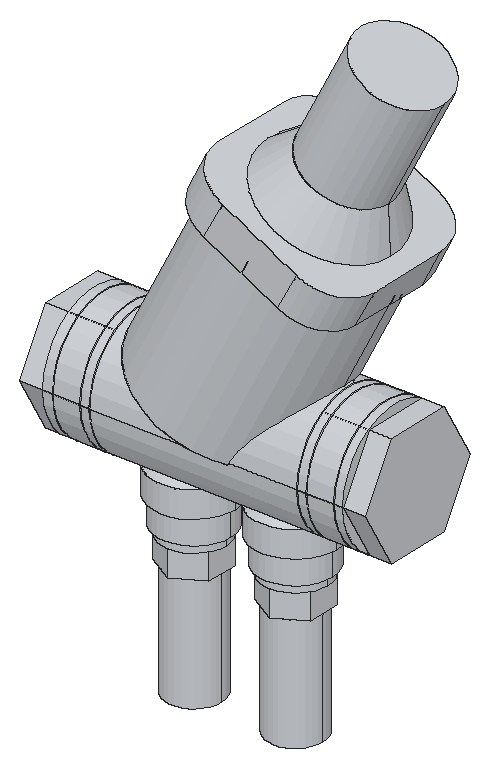
Revit family "Sigma_Compact_DN015_HF_RFA_2019", category Pipe Accessories, Revit 2019
Family settings
  Round Connector Dimension = Use Diameter
  Part Type = Valve - Breaks Into
  Work Plane-Based = No
  Always vertical = Yes
  Cut with Voids When Loaded = No
  Shared = No
Parameters (values of type "Sigma Compact DN 15 HF s měřením")
  magiProductId = "5720d023926c42d59d57912da161fc"
  magiProductFamilyId = "bfb31f54e1b64d079baf8cac8e8d7b"
  magiPartTypeId = 304
  isMeasuringValve [instance] = no
  ang2D [instance] = 0.00°
  Z6 = 26.1 mm
  Z5 = 60.9 mm
  Z4 = 52.2 mm
  Z3 = 8.7 mm
  Z2 = 43.5 mm
  XR2 = 25 mm
  XR1 = 13 mm
  W2D = 15 mm
  VersionID = "2.0/2018.12.13.2/FRESE_SIGMA_PLUG_Q13_001"
  Use Minimum Symbol Size [instance] = no
  URL = "www.hydronic.cz"
  Type Comments = "závitový; vnitřní závit; PN25; max dp=400kPa; -10~+120°C; max uzavírací tlak 1MPa"
  R4 = 15 mm
  R3 = 10 mm
  R2 = 14 mm
  R1 = 19 mm
  QmdConnectorList = "301;D;302;D"
  Productdata [instance] = ""
  NL__ve = -NL  # -15 mm
  NL = 15 mm
  Manufacturer = "Hydronic Systems Prague s.r.o."
  MC Use Limits From Balancing Method = no
  MC Throttling Minimum Value = 0
  MC Throttling Maximum Value = 0
  MC Product Code = "53-2201 DN15 FF s měřením; (60-1080 l/h); kvs=2,6"
  MC Pressure Drop Minimum Value = 0.0 Pa
  MC Pressure Drop Maximum Value = 0.0 Pa
  MC Piping Given Pressure Drop [instance] = 0.0 Pa
  M5 = 32.5 mm
  M4 = 30.5 mm
  M3 = 24.5 mm
  M2 = 22.5 mm
  LP = 37.5 mm
  LM = 45 mm
  LL__ve = -LL  # -5.7 mm
  LLT__ve = -LLT  # -14.9 mm
  LLT = 14.9 mm
  LLL = 11 mm
  LL3 = 41 mm
  LL2 = 32 mm
  LL = 5.7 mm
  L3 = 11 mm
  L2D_Min = 30.48 mm
  L2D = 65 mm
  Description = "Automatický vyvažovací ventil"
  DR1 = no
  DR0 = yes
  DL2 = 66 mm
  D = 15 mm
  CenSd_R2_6 = R2 * cos(30.00°)  # 12.124 mm
  CAT0 = yes
  C0D1 = no
  C0D0 = yes
Types (3, lengths in mm): name | magiProductId | Z6 | Z5 | Z4 | Z3 | Z2 | R2 | NL__ve | NL | MC Product Code | M5 | M4 | M3 | M2 | LP | LM | LL__ve | LLT__ve | LLT | LLL | LL2 | LL | D | CenSd_R2_6
  Sigma Compact DN 15 HF s měřením | "5720d023926c42d59d57912da161fc" | 26.1 | 60.9 | 52.2 | 8.7 | 43.5 | 14 | -15 | 15 | "53-2201 DN15 FF s měřením; (60-1080 l/h); kvs=2,6" | 32.5 | 30.5 | 24.5 | 22.5 | 37.5 | 45 | -5.7 | -14.9 | 14.9 | 11 | 32 | 5.7 | 15 | 12.124
  Sigma Compact DN 20 HF s měřením | "71a172a3e93b42a69d546b1c4edcaf" | 26.1 | 60.9 | 52.2 | 8.7 | 43.5 | 14 | -15.8 | 15.8 | "53-2203 DN20 FF s měřením; (102-1930 l/h); kvs=4,0" | 33.7 | 31.7 | 25.7 | 23.7 | 39.5 | 47.4 | -5.7 | -14.9 | 14.9 | 11 | 32 | 5.7 | 20 | 12.124
  Sigma Compact DN 25 HF s měřením | "e5e5fa70e5f44115b8324bb7a2a437" | 27 | 63 | 54 | 9 | 45 | 18 | -16.6 | 16.6 | "53-2209 DN25 FF s měřením; (137-2400 l/h); kvs=4,2" | 34.9 | 32.9 | 26.9 | 24.9 | 41.5 | 49.8 | -5.9 | -16.3 | 16.3 | 9 | 34 | 5.9 | 25 | 15.588
Reference planes
  plane 1 "Center (Front/Back)": y = 0
  plane 2 "XYPLANE": z = 0
  plane 3 "Center (Left/Right)": x = 0
  plane 4 "408": x = 37.5
  plane 5 "407": x = -37.5
  plane 6 "404": z = -35.3
  plane 7 "403": z = -41
  plane 8 "402": z = -66
  plane 9 "213": x = -11
  plane 10 "168": z = -10.9
  plane 11 "167": z = -12.9
  plane 12 "166": z = -18.6
  plane 13 "165": z = -24.3
  plane 14 "164": z = -26.3
  plane 15 "154": z = 0
  plane 16 "152": y = 0
  plane 17 "151": z = -32
  plane 18 "150": x = 11
  plane 19 "75": through (318.218, 0, 679.605) normal (0.891, 0, -0.454)
  plane 20 "74": x = 32.5
  plane 21 "73": x = 30.5
  plane 22 "72": x = 24.5
  plane 23 "71": x = 22.5
  plane 24 "70": x = -32.5
  plane 25 "69": x = -30.5
  plane 26 "68": x = -24.5
  plane 27 "67": y = 0
  plane 28 "66": through (-666.893, 0, 343.166) normal (0.454, 0, 0.891)
  plane 29 "65": x = -22.5
  plane 30 "64": through (335.147, 0, 670.979) normal (0.891, 0, -0.454)
  plane 31 "63": through (-648.506, 0, 379.252) normal (0.454, 0, 0.891)
  plane 32 "62": through (352.076, 0, 662.353) normal (0.891, 0, -0.454)
  plane 33 "61": y = 19
  plane 34 "60": y = -19
  plane 35 "59": through (-644.557, 0, 387.003) normal (0.454, 0, 0.891)
  plane 36 "58": through (-640.607, 0, 394.755) normal (0.454, 0, 0.891)
  plane 37 "56": x = 0
  plane 38 "55": through (-668.255, 0, 340.493) normal (0.454, 0, 0.891)
  plane 39 "102XY": through (-668.255, 0, 340.493) normal (0.454, 0, 0.891)
  plane 40 "102XZ": y = 0
  plane 41 "102YZ": through (340.493, 0, 668.255) normal (0.891, 0, -0.454)
Forms (mm)
  Extrusion 1, solid
    sketch origin (37.5, -750, 0) x (0, 1, 0) y (0, 0, 1)
      loop
        line (764, 0) -> (757, 12.124) -> (743, 12.124) -> (736, 0) -> (743, -12.124) -> (757, -12.124) -> (764, 0)
    from 0 to -15 <- "NL__ve"
  Extrusion 2, solid
    sketch origin (-37.5, -750, 0) x (0, 1, 0) y (0, 0, 1)
      loop
        line (736, 0) -> (743, -12.124) -> (757, -12.124) -> (764, 0) -> (757, 12.124) -> (743, 12.124) -> (736, 0)
    from 0 to 15 <- "NL"
  Extrusion 3, solid, visible <- "C0D1"
    sketch origin (-750, 0, -66) x (1, 0, 0) y (0, 1, 0)
      loop
        circle (739, 0) r 7
    from 0 to 50
  Extrusion 4, solid, visible <- "DR1"
    sketch origin (-750, 0, -35.3) x (1, 0, 0) y (0, 1, 0)
      loop
        line (739, -8) -> (745.928, -4) -> (745.928, 4) -> (739, 8) -> (732.072, 4) -> (732.072, -4) -> (739, -8)
    from 0 to -5.7 <- "LL__ve"
  Extrusion 5, solid, visible <- "DR1"
    sketch origin (-750, 0, -35.3) x (1, 0, 0) y (0, 1, 0)
      loop
        circle (739, 0) r 8
    from 0 to 11 <- "LLL"
  Extrusion 6, solid, visible <- "DR1"
    sketch origin (-750, 0, -24.3) x (1, 0, 0) y (0, 1, 0)
      loop
        circle (739, 0) r 9
    from 0 to 5.7 <- "LL"
  Extrusion 7, solid, visible <- "DR1"
    sketch origin (-750, 0, -18.6) x (1, 0, 0) y (0, 1, 0)
      loop
        circle (739, 0) r 10
    from 0 to 5.7 <- "LL"
  Blend 8, solid, visible <- "DR1"
    base sketch origin (-750, 0, -10.9) x (1, 0, 0) y (0, 1, 0)
      loop
        circle (739, 0) r 7.5
    top sketch origin (-750, 0, -10.9) x (1, 0, 0) y (0, 1, 0)
      loop
        circle (739, 0) r 10
    from 0 to -2
  Extrusion 9, solid, visible <- "DR1"
    sketch origin (-750, 0, 0) x (1, 0, 0) y (0, 1, 0)
      loop
        circle (739, 0) r 7.5
    from 0 to -14.9 <- "LLT__ve"
  Extrusion 10, solid, visible <- "C0D0"
    sketch origin (-750, 0, -32) x (1, 0, 0) y (0, 1, 0)
      loop
        circle (739, 0) r 6
    from 0 to -25
  Extrusion 11, solid, visible <- "DR0"
    sketch origin (-750, 0, -26.3) x (1, 0, 0) y (0, 1, 0)
      loop
        line (739, -7) -> (745.062, -3.5) -> (745.062, 3.5) -> (739, 7) -> (732.938, 3.5) -> (732.938, -3.5) -> (739, -7)
    from 0 to -5.7 <- "LL__ve"
  Extrusion 12, solid, visible <- "DR0"
    sketch origin (-750, 0, -26.3) x (1, 0, 0) y (0, 1, 0)
      loop
        circle (739, 0) r 7
    from 0 to 2
  Extrusion 13, solid, visible <- "DR0"
    sketch origin (-750, 0, -18.6) x (1, 0, 0) y (0, 1, 0)
      loop
        circle (739, 0) r 9
    from 0 to 5.7 <- "LL"
  Blend 14, solid, visible <- "DR0"
    base sketch origin (-750, 0, -10.9) x (1, 0, 0) y (0, 1, 0)
      loop
        circle (739, 0) r 6.5
    top sketch origin (-750, 0, -10.9) x (1, 0, 0) y (0, 1, 0)
      loop
        circle (739, 0) r 9
    from 0 to -2
  Extrusion 15, solid, visible <- "DR0"
    sketch origin (-750, 0, 0) x (1, 0, 0) y (0, 1, 0)
      loop
        circle (739, 0) r 6.5
    from 0 to -14.9 <- "LLT__ve"
  Extrusion 16, solid, visible <- "DR0"
    sketch origin (-750, 0, 0) x (1, 0, 0) y (0, 1, 0)
      loop
        circle (739, 0) r 6.5
    from 0 to -14.9 <- "LLT__ve"
  Blend 17, solid, visible <- "DR0"
    base sketch origin (-750, 0, -10.9) x (1, 0, 0) y (0, 1, 0)
      loop
        circle (739, 0) r 6.5
    top sketch origin (-750, 0, -10.9) x (1, 0, 0) y (0, 1, 0)
      loop
        circle (739, 0) r 9
    from 0 to -2
  Extrusion 18, solid, visible <- "DR0"
    sketch origin (-750, 0, -18.6) x (1, 0, 0) y (0, 1, 0)
      loop
        circle (739, 0) r 9
    from 0 to 5.7 <- "LL"
  Extrusion 19, solid, visible <- "DR0"
    sketch origin (-750, 0, -24.3) x (1, 0, 0) y (0, 1, 0)
      loop
        circle (739, 0) r 8
    from 0 to 5.7 <- "LL"
  Extrusion 20, solid, visible <- "DR0"
    sketch origin (-750, 0, -26.3) x (1, 0, 0) y (0, 1, 0)
      loop
        circle (739, 0) r 7
    from 0 to 2
  Extrusion 21, solid, visible <- "DR0"
    sketch origin (-750, 0, -26.3) x (1, 0, 0) y (0, 1, 0)
      loop
        line (739, -7) -> (745.062, -3.5) -> (745.062, 3.5) -> (739, 7) -> (732.938, 3.5) -> (732.938, -3.5) -> (739, -7)
    from 0 to -5.7 <- "LL__ve"
  Extrusion 22, solid, visible <- "C0D0"
    sketch origin (-750, 0, -32) x (1, 0, 0) y (0, 1, 0)
      loop
        circle (739, 0) r 6
    from 0 to -25
  Extrusion 23, solid, visible <- "CAT0"
    sketch origin (-750, 0, -32) x (1, 0, 0) y (0, 1, 0)
      loop
        circle (761, 0) r 6
    from 0 to -25
  Extrusion 24, solid
    sketch origin (-750, 0, -26.3) x (1, 0, 0) y (0, 1, 0)
      loop
        line (761, -7) -> (767.062, -3.5) -> (767.062, 3.5) -> (761, 7) -> (754.938, 3.5) -> (754.938, -3.5) -> (761, -7)
    from 0 to -5.7 <- "LL__ve"
  Extrusion 25, solid
    sketch origin (-750, 0, -26.3) x (1, 0, 0) y (0, 1, 0)
      loop
        circle (761, 0) r 7
    from 0 to 2
  Extrusion 26, solid
    sketch origin (-750, 0, -24.3) x (1, 0, 0) y (0, 1, 0)
      loop
        circle (761, 0) r 8
    from 0 to 5.7 <- "LL"
  Extrusion 27, solid
    sketch origin (-750, 0, -18.6) x (1, 0, 0) y (0, 1, 0)
      loop
        circle (761, 0) r 9
    from 0 to 5.7 <- "LL"
  Blend 28, solid
    base sketch origin (-750, 0, -10.9) x (1, 0, 0) y (0, 1, 0)
      loop
        circle (761, 0) r 6.5
    top sketch origin (-750, 0, -10.9) x (1, 0, 0) y (0, 1, 0)
      loop
        circle (761, 0) r 9
    from 0 to -2
  Extrusion 29, solid
    sketch origin (-750, 0, 0) x (1, 0, 0) y (0, 1, 0)
      loop
        circle (761, 0) r 6.5
    from 0 to -14.9 <- "LLT__ve"
  Blend 30, solid, visible <- "CAT0"
    base sketch origin (30.5, -750, 0) x (0, 1, 0) y (0, 0, 1)
      loop
        circle (750, 0) r 14
    top sketch origin (30.5, -750, 0) x (0, 1, 0) y (0, 0, 1)
      loop
        circle (750, 0) r 14
    from 0 to 2
  Extrusion 31, solid, visible <- "CAT0"
    sketch origin (24.5, -750, 0) x (0, 1, 0) y (0, 0, 1)
      loop
        circle (750, 0) r 14
    from 0 to 6
  Blend 32, solid, visible <- "CAT0"
    base sketch origin (22.5, -750, 0) x (0, 1, 0) y (0, 0, 1)
      loop
        circle (750, 0) r 14
    top sketch origin (22.5, -750, 0) x (0, 1, 0) y (0, 0, 1)
      loop
        circle (750, 0) r 14
    from 0 to 2
  Blend 33, solid, visible <- "CAT0"
    base sketch origin (-30.5, -750, 0) x (0, 1, 0) y (0, 0, 1)
      loop
        circle (750, 0) r 14
    top sketch origin (-30.5, -750, 0) x (0, 1, 0) y (0, 0, 1)
      loop
        circle (750, 0) r 14
    from 0 to -2
  Extrusion 34, solid, visible <- "CAT0"
    sketch origin (-30.5, -750, 0) x (0, 1, 0) y (0, 0, 1)
      loop
        circle (750, 0) r 14
    from 0 to 6
  Blend 35, solid, visible <- "CAT0"
    base sketch origin (-24.5, -750, 0) x (0, 1, 0) y (0, 0, 1)
      loop
        circle (750, 0) r 14
    top sketch origin (-24.5, -750, 0) x (0, 1, 0) y (0, 0, 1)
      loop
        circle (750, 0) r 14
    from 0 to 2
  Extrusion 36, solid, visible <- "CAT0"
    sketch origin (-22.5, -750, 0) x (0, 1, 0) y (0, 0, 1)
      loop
        circle (750, 0) r 14
    from 0 to 45 <- "LM"
  Extrusion 37, solid, visible <- "CAT0"
    sketch origin (-666.893, 0, 343.166) x (0.891007, 0, -0.45399) y (0, 1, 0)
      loop
        circle (744, 0) r 19
    from 0 to 43.5 <- "Z2"
  Extrusion 38, solid, visible <- "CAT0"
    sketch origin (-648.506, 0, 379.252) x (0.891007, 0, -0.45399) y (0, 1, 0)
      loop
        arc (735, 19) -> (727.929, 16.071) -> (725, 9) r 10
        line (725, 9) -> (725, -9)
        arc (725, -9) -> (727.929, -16.071) -> (735, -19) r 10
        line (735, -19) -> (753, -19)
        arc (753, -19) -> (760.071, -16.071) -> (763, -9) r 10
        line (763, -9) -> (763, 9)
        arc (763, 9) -> (760.071, 16.071) -> (753, 19) r 10
        line (753, 19) -> (735, 19)
    from 0 to 8.7 <- "Z3"
  Blend 39, solid, visible <- "CAT0"
    base sketch origin (-644.557, 0, 387.003) x (0.891007, 0, -0.45399) y (0, 1, 0)
      loop
        circle (744, 0) r 15
    top sketch origin (-644.557, 0, 387.003) x (0.891007, 0, -0.45399) y (0, 1, 0)
      loop
        circle (744, 0) r 10
    from 0 to 8.7
  Extrusion 40, solid, visible <- "CAT0"
    sketch origin (-640.607, 0, 394.755) x (0.891007, 0, -0.45399) y (0, 1, 0)
      loop
        circle (744, 0) r 10
    from 0 to 26.1 <- "Z6"
  Blend 41, solid, visible <- "CAT0"
    base sketch origin (-668.255, 0, 340.493) x (0.891007, 0, -0.45399) y (0, 1, 0)
      loop
        circle (744, 0) r 15
    top sketch origin (-668.255, 0, 340.493) x (0.891007, 0, -0.45399) y (0, 1, 0)
      loop
        circle (744, 0) r 19
    from 0 to 3
  Extrusion 42, solid, not visible
    sketch origin (-32.5, -750, 0) x (0, 1, 0) y (0, 0, 1)
      loop
        circle (750, 0) r 10
    from 0 to 10
  Extrusion 43, solid, not visible
    sketch origin (32.5, -750, 0) x (0, 1, 0) y (0, 0, 1)
      loop
        circle (750, 0) r 10
    from 0 to -10
Lines and regions (mm)
  reference lines, not visible
    curve 1: circle (2, 2, 0) r 1 normal (0, 0, 1)
  reference lines
    curve 2: line (37.5, 0, 0) -> (37.5, -3.5, 6.062)
    curve 3: line (37.5, 0, 0) -> (37.5, -7, 0)
    curve 4: line (37.5, 0, 0) -> (37.5, -3.5, -6.062)
    curve 5: line (-37.5, 0, 0) -> (-37.5, 3.5, 6.062)
    curve 6: line (-37.5, 0, 0) -> (-37.5, 7, 0)
    curve 7: line (-37.5, 0, 0) -> (-37.5, 3.5, -6.062)
Dimensions and locks
  plane 1 "Center (Front/Back)" to curve 1 = 2 mm
  "LP": plane 37 "56" to plane 4 "408"
  "LP": plane 37 "56" to plane 5 "407"
  "LL": plane 7 "403" to plane 6 "404"
  "LL3": plane 2 "XYPLANE" to plane 7 "403"
  "DL2": plane 2 "XYPLANE" to plane 8 "402"
  "L3": plane 3 "Center (Left/Right)" to plane 9 "213"
  locked: plane 11 "167" to plane 10 "168" at 2
  "LL": plane 12 "166" to plane 11 "167"
  "LL": plane 13 "165" to plane 12 "166"
  locked: plane 14 "164" to plane 13 "165" at 2
  "LL": plane 17 "151" to plane 14 "164"
  locked: plane 2 "XYPLANE" to plane 15 "154"
  locked: plane 1 "Center (Front/Back)" to plane 16 "152"
  "LL2": plane 2 "XYPLANE" to plane 17 "151"
  "L3": plane 3 "Center (Left/Right)" to plane 18 "150"
  "XR2": plane 41 "102YZ" to plane 19 "75"
  "M5": plane 3 "Center (Left/Right)" to plane 20 "74"
  "M4": plane 3 "Center (Left/Right)" to plane 21 "73"
  "M3": plane 3 "Center (Left/Right)" to plane 22 "72"
  "M2": plane 3 "Center (Left/Right)" to plane 23 "71"
  "M5": plane 3 "Center (Left/Right)" to plane 24 "70"
  "M4": plane 3 "Center (Left/Right)" to plane 25 "69"
  "M3": plane 3 "Center (Left/Right)" to plane 26 "68"
  locked: plane 16 "152" to plane 27 "67"
  locked: plane 39 "102XY" to plane 28 "66" at 3
  "M2": plane 3 "Center (Left/Right)" to plane 29 "65"
  locked: plane 41 "102YZ" to plane 30 "64" at 6
  "Z2": plane 39 "102XY" to plane 31 "63"
  "XR1": plane 41 "102YZ" to plane 32 "62"
  "R1": plane 16 "152" to plane 33 "61"
  "R1": plane 16 "152" to plane 34 "60"
  "Z4": plane 39 "102XY" to plane 35 "59"
  "Z5": plane 39 "102XY" to plane 36 "58"
  locked: plane 3 "Center (Left/Right)" to plane 37 "56"
  locked: plane 39 "102XY" to plane 38 "55"
  "CenSd_R2_6": curve 2 to Extrusion 1 sketch curve  (x2)
  "CenSd_R2_6": curve 3 to Extrusion 1 sketch curve  (x2)
  "CenSd_R2_6": curve 4 to Extrusion 1 sketch curve  (x2)
  Extrusion 1 sketch curve to Extrusion 1 sketch curve = 0 mm  (x12)
  "CenSd_R2_6": curve 5 to Extrusion 2 sketch curve  (x2)
  "CenSd_R2_6": curve 6 to Extrusion 2 sketch curve  (x2)
  "CenSd_R2_6": curve 7 to Extrusion 2 sketch curve  (x2)
  Extrusion 2 sketch curve to Extrusion 2 sketch curve = 0 mm  (x12)
  Extrusion 4 sketch curve to Extrusion 4 sketch curve = 0 mm  (x12)
  Extrusion 11 sketch curve to Extrusion 11 sketch curve = 0 mm  (x12)
  Extrusion 21 sketch curve to Extrusion 21 sketch curve = 0 mm  (x12)
  Extrusion 24 sketch curve to Extrusion 24 sketch curve = 0 mm  (x12)
  Extrusion 38 sketch curve to Extrusion 38 sketch curve = 0 mm  (x16)
  "R2": radius of Blend 30 sketch curve  (x2)
  "R2": radius of Extrusion 31 sketch curve
  "R2": radius of Blend 32 sketch curve  (x2)
  "R2": radius of Blend 33 sketch curve  (x2)
  "R2": radius of Extrusion 34 sketch curve
  "R2": radius of Blend 35 sketch curve  (x2)
  "R2": radius of Extrusion 36 sketch curve
  "R1": radius of Extrusion 37 sketch curve
  radius of Extrusion 38 sketch curve = 10 mm  (x4)
  "R3": radius of Blend 39 sketch curve
  "R4": radius of Blend 39 sketch curve
  "R3": radius of Extrusion 40 sketch curve
  "R1": radius of Blend 41 sketch curve
  locked: curve 3 to curve 2 (angle 60.00°)
  locked: curve 4 to curve 3 (angle 60.00°)
  locked: curve 4 to curve 2 (angle 120.00°)
  locked: curve 6 to curve 5 (angle 60.00°)
  locked: curve 7 to curve 6 (angle 60.00°)
  locked: curve 7 to curve 5 (angle 120.00°)
  aligned and locked: level to plane 2 "XYPLANE"
  aligned and locked: plane 15 "154" to curve 4
  aligned and locked: curve 4 to plane 16 "152"
  aligned and locked: plane 15 "154" to curve 7
  aligned and locked: curve 7 to plane 16 "152"
  aligned and locked: plane 9 "213" to Extrusion 3 sketch curve
  aligned and locked: plane 16 "152" to Extrusion 3 sketch curve
  aligned and locked: plane 9 "213" to Extrusion 5 sketch curve
  aligned and locked: plane 16 "152" to Extrusion 5 sketch curve
  aligned and locked: plane 9 "213" to Extrusion 6 sketch curve
  aligned and locked: plane 16 "152" to Extrusion 6 sketch curve
  aligned and locked: plane 9 "213" to Extrusion 7 sketch curve
  aligned and locked: plane 16 "152" to Extrusion 7 sketch curve
  aligned and locked: plane 9 "213" to Blend 8 sketch curve  (x2)
  aligned and locked: plane 16 "152" to Blend 8 sketch curve  (x2)
  aligned and locked: Blend 8 to plane 11 "167"
  aligned and locked: plane 9 "213" to Extrusion 9 sketch curve
  aligned and locked: plane 16 "152" to Extrusion 9 sketch curve
  aligned and locked: plane 9 "213" to Extrusion 10 sketch curve
  aligned and locked: plane 16 "152" to Extrusion 10 sketch curve
  aligned and locked: plane 9 "213" to Extrusion 12 sketch curve
  aligned and locked: plane 16 "152" to Extrusion 12 sketch curve
  aligned and locked: plane 9 "213" to Extrusion 13 sketch curve
  aligned and locked: plane 16 "152" to Extrusion 13 sketch curve
  aligned and locked: plane 9 "213" to Blend 14 sketch curve  (x2)
  aligned and locked: plane 16 "152" to Blend 14 sketch curve  (x2)
  aligned and locked: Blend 14 to plane 11 "167"
  aligned and locked: plane 9 "213" to Extrusion 15 sketch curve
  aligned and locked: plane 16 "152" to Extrusion 15 sketch curve
  aligned and locked: plane 9 "213" to Extrusion 16 sketch curve
  aligned and locked: plane 16 "152" to Extrusion 16 sketch curve
  aligned and locked: plane 9 "213" to Blend 17 sketch curve  (x2)
  aligned and locked: plane 16 "152" to Blend 17 sketch curve  (x2)
  aligned and locked: Blend 17 to plane 11 "167"
  aligned and locked: plane 9 "213" to Extrusion 18 sketch curve
  aligned and locked: plane 16 "152" to Extrusion 18 sketch curve
  aligned and locked: plane 9 "213" to Extrusion 19 sketch curve
  aligned and locked: plane 16 "152" to Extrusion 19 sketch curve
  aligned and locked: plane 9 "213" to Extrusion 20 sketch curve
  aligned and locked: plane 16 "152" to Extrusion 20 sketch curve
  aligned and locked: plane 9 "213" to Extrusion 22 sketch curve
  aligned and locked: plane 16 "152" to Extrusion 22 sketch curve
  aligned and locked: plane 16 "152" to Extrusion 23 sketch curve
  aligned and locked: plane 18 "150" to Extrusion 23 sketch curve
  aligned and locked: plane 16 "152" to Extrusion 25 sketch curve
  aligned and locked: plane 18 "150" to Extrusion 25 sketch curve
  aligned and locked: plane 16 "152" to Extrusion 26 sketch curve
  aligned and locked: plane 18 "150" to Extrusion 26 sketch curve
  aligned and locked: plane 16 "152" to Extrusion 27 sketch curve
  aligned and locked: plane 18 "150" to Extrusion 27 sketch curve
  aligned and locked: plane 16 "152" to Blend 28 sketch curve  (x2)
  aligned and locked: plane 18 "150" to Blend 28 sketch curve  (x2)
  aligned and locked: Blend 28 to plane 11 "167"
  aligned and locked: plane 16 "152" to Extrusion 29 sketch curve
  aligned and locked: plane 18 "150" to Extrusion 29 sketch curve
  aligned and locked: plane 15 "154" to Blend 30 sketch curve  (x2)
  aligned and locked: Blend 30 sketch curve to plane 16 "152"  (x2)
  aligned and locked: plane 20 "74" to Blend 30
  aligned and locked: plane 15 "154" to Extrusion 31 sketch curve
  aligned and locked: Extrusion 31 sketch curve to plane 16 "152"
  aligned and locked: plane 15 "154" to Blend 32 sketch curve  (x2)
  aligned and locked: Blend 32 sketch curve to plane 16 "152"  (x2)
  aligned and locked: plane 22 "72" to Blend 32
  aligned and locked: plane 15 "154" to Blend 33 sketch curve  (x2)
  aligned and locked: Blend 33 sketch curve to plane 16 "152"  (x2)
  aligned and locked: Blend 33 to plane 24 "70"
  aligned and locked: plane 15 "154" to Extrusion 34 sketch curve
  aligned and locked: Extrusion 34 sketch curve to plane 16 "152"
  aligned and locked: plane 15 "154" to Blend 35 sketch curve  (x2)
  aligned and locked: Blend 35 sketch curve to plane 16 "152"  (x2)
  aligned and locked: plane 29 "65" to Blend 35
  aligned and locked: plane 15 "154" to Extrusion 36 sketch curve
  aligned and locked: Extrusion 36 sketch curve to plane 16 "152"
  aligned and locked: plane 27 "67" to Extrusion 37 sketch curve
  aligned and locked: Extrusion 37 sketch curve to plane 30 "64"
  aligned and locked: Extrusion 38 sketch curve to plane 19 "75"
  aligned and locked: Extrusion 38 sketch curve to plane 34 "60"
  aligned and locked: Extrusion 38 sketch curve to plane 32 "62"
  aligned and locked: plane 33 "61" to Extrusion 38 sketch curve
  aligned and locked: plane 27 "67" to Blend 39 sketch curve  (x2)
  aligned and locked: Blend 39 sketch curve to plane 30 "64"  (x2)
  aligned and locked: plane 36 "58" to Blend 39
  aligned and locked: plane 27 "67" to Extrusion 40 sketch curve
  aligned and locked: Extrusion 40 sketch curve to plane 30 "64"
  aligned and locked: plane 27 "67" to Blend 41 sketch curve  (x2)
  aligned and locked: Blend 41 sketch curve to plane 30 "64"  (x2)
  aligned and locked: plane 28 "66" to Blend 41
  aligned and locked: plane 15 "154" to Extrusion 42 sketch curve
  aligned and locked: Extrusion 42 sketch curve to plane 16 "152"
  aligned and locked: plane 15 "154" to Extrusion 43 sketch curve
  aligned and locked: Extrusion 43 sketch curve to plane 16 "152"
Automatic sketch dimensions
  plane 29 "65" to Extrusion 3 sketch curve = 4.5 mm
  Extrusion 4 sketch curve to plane 9 "213" = 0 mm  (x2)
  plane 29 "65" to Extrusion 4 sketch curve = 4.572 mm
  Extrusion 4 sketch curve to plane 3 "Center (Left/Right)" = 4.072 mm
  plane 1 "Center (Front/Back)" to Extrusion 4 sketch curve = 8 mm
  plane 1 "Center (Front/Back)" to Extrusion 4 sketch curve = 4 mm  (x2)
  Extrusion 4 sketch curve to plane 1 "Center (Front/Back)" = 4 mm  (x2)
  Extrusion 4 sketch curve to Extrusion 4 sketch curve = 4 mm
  plane 29 "65" to Extrusion 5 sketch curve = 3.5 mm
  plane 29 "65" to Extrusion 6 sketch curve = 2.5 mm
  plane 29 "65" to Extrusion 7 sketch curve = 1.5 mm
  plane 29 "65" to Blend 8 sketch curve = 4 mm
  plane 29 "65" to Blend 8 sketch curve = 1.5 mm
  plane 29 "65" to Extrusion 9 sketch curve = 4 mm
  plane 29 "65" to Extrusion 10 sketch curve = 5.5 mm
  Extrusion 11 sketch curve to plane 9 "213" = 0 mm  (x2)
  plane 29 "65" to Extrusion 11 sketch curve = 5.438 mm
  Extrusion 11 sketch curve to plane 3 "Center (Left/Right)" = 4.938 mm
  plane 1 "Center (Front/Back)" to Extrusion 11 sketch curve = 7 mm
  plane 1 "Center (Front/Back)" to Extrusion 11 sketch curve = 3.5 mm  (x2)
  Extrusion 11 sketch curve to plane 1 "Center (Front/Back)" = 3.5 mm  (x2)
  Extrusion 11 sketch curve to Extrusion 11 sketch curve = 3.5 mm
  plane 29 "65" to Extrusion 12 sketch curve = 4.5 mm
  plane 29 "65" to Extrusion 13 sketch curve = 2.5 mm
  plane 29 "65" to Blend 14 sketch curve = 5 mm
  plane 29 "65" to Blend 14 sketch curve = 2.5 mm
  plane 29 "65" to Extrusion 15 sketch curve = 5 mm
  plane 29 "65" to Extrusion 16 sketch curve = 5 mm
  plane 29 "65" to Blend 17 sketch curve = 5 mm
  plane 29 "65" to Blend 17 sketch curve = 2.5 mm
  plane 29 "65" to Extrusion 18 sketch curve = 2.5 mm
  plane 29 "65" to Extrusion 19 sketch curve = 3.5 mm
  plane 29 "65" to Extrusion 20 sketch curve = 4.5 mm
  Extrusion 21 sketch curve to plane 9 "213" = 0 mm  (x2)
  plane 29 "65" to Extrusion 21 sketch curve = 5.438 mm
  Extrusion 21 sketch curve to plane 3 "Center (Left/Right)" = 4.938 mm
  plane 1 "Center (Front/Back)" to Extrusion 21 sketch curve = 7 mm
  plane 1 "Center (Front/Back)" to Extrusion 21 sketch curve = 3.5 mm  (x2)
  Extrusion 21 sketch curve to plane 1 "Center (Front/Back)" = 3.5 mm  (x2)
  Extrusion 21 sketch curve to Extrusion 21 sketch curve = 3.5 mm
  plane 29 "65" to Extrusion 22 sketch curve = 5.5 mm
  plane 3 "Center (Left/Right)" to Extrusion 23 sketch curve = 5 mm
  Extrusion 24 sketch curve to plane 18 "150" = 0 mm  (x2)
  plane 3 "Center (Left/Right)" to Extrusion 24 sketch curve = 4.938 mm
  Extrusion 24 sketch curve to plane 23 "71" = 5.438 mm
  plane 1 "Center (Front/Back)" to Extrusion 24 sketch curve = 7 mm
  plane 1 "Center (Front/Back)" to Extrusion 24 sketch curve = 3.5 mm  (x2)
  Extrusion 24 sketch curve to plane 1 "Center (Front/Back)" = 3.5 mm  (x2)
  Extrusion 24 sketch curve to Extrusion 24 sketch curve = 3.5 mm
  plane 3 "Center (Left/Right)" to Extrusion 25 sketch curve = 4 mm
  plane 3 "Center (Left/Right)" to Extrusion 26 sketch curve = 3 mm
  plane 3 "Center (Left/Right)" to Extrusion 27 sketch curve = 2 mm
  plane 3 "Center (Left/Right)" to Blend 28 sketch curve = 4.5 mm
  plane 3 "Center (Left/Right)" to Blend 28 sketch curve = 2 mm
  plane 3 "Center (Left/Right)" to Extrusion 29 sketch curve = 4.5 mm
  plane 19 "75" to Blend 41 sketch curve = 4 mm
  plane 34 "60" to Extrusion 42 sketch curve = 9 mm
  plane 34 "60" to Extrusion 43 sketch curve = 9 mm
  plane 3 "Center (Left/Right)" to curve 1 = 2 mm
  radius of curve 1 = 1 mm
Connectors
  piping at (-32.5, 0, 0), diameter 15, driven by "D"
    settings: on Extrusion 42, index 1, connector inside diameter 609.6 mm, connector length 0 mm, flow factor 0, pipe flow 0.0 L/s, pressure drop 0.0 Pa, fitting loss kfactor 0, connector angle 0.00°, fixture units 0, engagement length 0 mm, angle of deflection 0.00°, flow configuration 0, flow direction 0, fitting loss method 0, system type 29, joint type 0, gender type 0, connector reference index 2, connector utility 0, adjustable connector no, is connector primary yes, connector description ""
  piping at (32.5, 0, 0), diameter 15, driven by "D"
    settings: on Extrusion 43, index 2, connector inside diameter 609.6 mm, connector length 0 mm, flow factor 0, pipe flow 0.0 L/s, pressure drop 0.0 Pa, fitting loss kfactor 0, connector angle 0.00°, fixture units 0, engagement length 0 mm, angle of deflection 0.00°, flow configuration 0, flow direction 0, fitting loss method 0, system type 29, joint type 0, gender type 0, connector reference index 1, connector utility 0, adjustable connector no, is connector primary no, connector description ""
